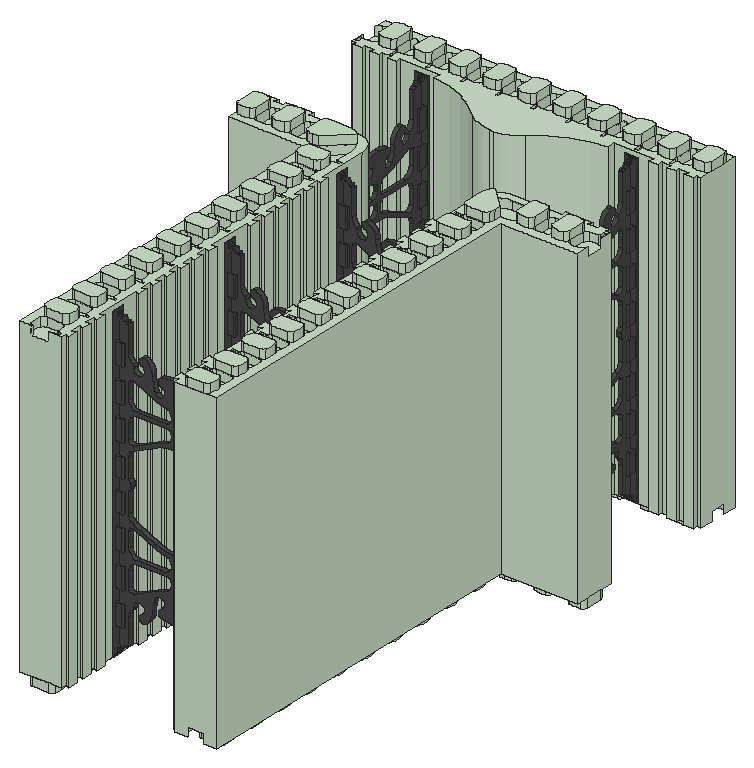
Revit family
Parameters (values of type "152 mm Long T Form Unit")
  URL = "www.nudura.com"
  Overall Form Thickness = 285.8 mm
  Model = "152 mm Long T Form Unit"
  Manufacturer = "NUDURA Corporation"
  Concrete Core Thickness = 152.4 mm
Reference planes
  plane 1 "Center (Front/Back)": y = 0
  plane 2: z = 0
  plane 3 "Center (Left/Right)": x = 0
Forms (mm)
  Extrusion 1, solid, material "NUDURA Expanded Polystyrene Foam Insulation"
    sketch origin (0.194, 0.032, 0) x (1, 0, 0) y (0, 1, 0)
      loop
        line (254, 142.875) -> (-254, 142.875) -> (-254, 82.55) -> (-246.858, 82.55) -> (-248.442, 76.2) -> (-234.158, 76.2) -> (-235.742, 82.55) -> (-221.458, 82.55) -> (-223.042, 76.2) -> (-208.758, 76.2) -> (-210.342, 82.55) -> (-196.058, 82.55) -> (-197.642, 76.2) -> (-183.358, 76.2) -> (-184.942, 82.55) -> (-127, 82.55) -> (-127, 73.025)
        arc (-127, 73.025) -> (-79.325, 60.317) -> (-38.333, 32.857) r 150.316
        arc (-38.333, 32.857) -> (-22.244, 22.628) -> (-3.517, 19.05) r 50.8
        line (-3.517, 19.05) -> (3.517, 19.05)
        arc (3.517, 19.05) -> (22.244, 22.628) -> (38.333, 32.857) r 50.8
        arc (38.333, 32.857) -> (79.325, 60.317) -> (127, 73.025) r 150.316
        line (127, 73.025) -> (127, 82.55) -> (184.942, 82.55) -> (183.358, 76.2) -> (197.642, 76.2) -> (196.058, 82.55) -> (210.342, 82.55) -> (208.758, 76.2) -> (223.042, 76.2) -> (221.458, 82.55) -> (235.742, 82.55) -> (234.158, 76.2) -> (248.442, 76.2) -> (246.858, 82.55) -> (254, 82.55) -> (254, 142.875)
      loop
        line (-82.55, -660.4) -> (-82.55, -653.258) -> (-76.2, -654.841) -> (-76.2, -640.558) -> (-82.55, -642.141) -> (-82.55, -627.858) -> (-76.2, -629.441) -> (-76.2, -615.158) -> (-82.55, -616.741) -> (-82.55, -602.458) -> (-76.2, -604.041) -> (-76.2, -589.758) -> (-82.55, -591.341) -> (-82.55, -526.258) -> (-76.2, -527.841) -> (-76.2, -513.558) -> (-82.55, -515.141) -> (-82.55, -500.858) -> (-76.2, -502.441) -> (-76.2, -488.158) -> (-82.55, -489.741) -> (-82.55, -475.458) -> (-76.2, -477.041) -> (-76.2, -462.758) -> (-82.55, -464.341) -> (-82.55, -450.058) -> (-76.2, -451.641) -> (-76.2, -437.358) -> (-82.55, -438.941) -> (-82.55, -424.658) -> (-76.2, -426.241) -> (-76.2, -411.958) -> (-82.55, -413.541) -> (-82.55, -399.258) -> (-76.2, -400.841) -> (-76.2, -386.558) -> (-82.55, -388.141) -> (-82.55, -323.058) -> (-76.2, -324.641) -> (-76.2, -310.358) -> (-82.55, -311.941) -> (-82.55, -297.658) -> (-76.2, -299.241) -> (-76.2, -284.958) -> (-82.55, -286.541) -> (-82.55, -272.258) -> (-76.2, -273.841) -> (-76.2, -259.558) -> (-82.55, -261.141) -> (-82.55, -246.858) -> (-76.2, -248.441) -> (-76.2, -234.158) -> (-82.55, -235.741) -> (-82.55, -221.458) -> (-76.2, -223.041) -> (-76.2, -208.758) -> (-82.55, -210.341) -> (-82.55, -196.058) -> (-76.2, -197.641) -> (-76.2, -183.358) -> (-82.55, -184.941) -> (-82.55, -114.3)
        arc (-82.55, -114.3) -> (-91.849, -91.849) -> (-114.3, -82.55) r 31.75
        line (-114.3, -82.55) -> (-184.942, -82.55) -> (-183.358, -76.2) -> (-197.642, -76.2) -> (-196.058, -82.55) -> (-210.342, -82.55) -> (-208.758, -76.2) -> (-223.042, -76.2) -> (-221.458, -82.55) -> (-235.742, -82.55) -> (-234.158, -76.2) -> (-248.442, -76.2) -> (-246.858, -82.55) -> (-254, -82.55) -> (-254, -142.875) -> (-142.875, -142.875) -> (-142.875, -660.4) -> (-82.55, -660.4)
      loop
        line (82.55, -660.4) -> (142.875, -660.4) -> (142.875, -142.875) -> (254, -142.875) -> (254, -82.55) -> (246.858, -82.55) -> (248.442, -76.2) -> (234.158, -76.2) -> (235.742, -82.55) -> (221.458, -82.55) -> (223.042, -76.2) -> (208.758, -76.2) -> (210.342, -82.55) -> (196.058, -82.55) -> (197.642, -76.2) -> (183.358, -76.2) -> (184.942, -82.55) -> (114.3, -82.55)
        arc (114.3, -82.55) -> (91.849, -91.849) -> (82.55, -114.3) r 31.75
        line (82.55, -114.3) -> (82.55, -184.941) -> (76.2, -183.358) -> (76.2, -197.641) -> (82.55, -196.058) -> (82.55, -210.341) -> (76.2, -208.758) -> (76.2, -223.041) -> (82.55, -221.458) -> (82.55, -235.741) -> (76.2, -234.158) -> (76.2, -248.441) -> (82.55, -246.858) -> (82.55, -261.141) -> (76.2, -259.558) -> (76.2, -273.841) -> (82.55, -272.258) -> (82.55, -286.541) -> (76.2, -284.958) -> (76.2, -299.241) -> (82.55, -297.658) -> (82.55, -311.941) -> (76.2, -310.358) -> (76.2, -324.641) -> (82.55, -323.058) -> (82.55, -388.141) -> (76.2, -386.558) -> (76.2, -400.841) -> (82.55, -399.258) -> (82.55, -413.541) -> (76.2, -411.958) -> (76.2, -426.241) -> (82.55, -424.658) -> (82.55, -438.941) -> (76.2, -437.358) -> (76.2, -451.641) -> (82.55, -450.058) -> (82.55, -464.341) -> (76.2, -462.758) -> (76.2, -477.041) -> (82.55, -475.458) -> (82.55, -489.741) -> (76.2, -488.158) -> (76.2, -502.441) -> (82.55, -500.858) -> (82.55, -515.141) -> (76.2, -513.558) -> (76.2, -527.841) -> (82.55, -526.258) -> (82.55, -591.341) -> (76.2, -589.758) -> (76.2, -604.041) -> (82.55, -602.458) -> (82.55, -616.741) -> (76.2, -615.158) -> (76.2, -629.441) -> (82.55, -627.858) -> (82.55, -642.141) -> (76.2, -640.558) -> (76.2, -654.841) -> (82.55, -653.258) -> (82.55, -660.4)
    from 0 to 457.2
  Extrusion 2, void
    sketch origin (0.194, 0.032, 0) x (1, 0, 0) y (0, 1, 0)
      loop
        arc (-130.453, -639.396) -> (-131.763, -647.7) -> (-130.453, -656.003) r 26.987
        arc (-130.453, -656.003) -> (-128.147, -659.184) -> (-124.411, -660.4) r 6.35
        line (-124.411, -660.4) -> (-101.014, -660.4)
        arc (-101.014, -660.4) -> (-98.696, -659.961) -> (-96.698, -658.708) r 6.35
        arc (-96.698, -658.708) -> (-96.199, -658.394) -> (-95.62, -658.285) r 1.588
        line (-95.62, -658.285) -> (-86.829, -658.285) -> (-86.829, -653.946) -> (-92.457, -653.946)
        arc (-92.457, -653.946) -> (-93.668, -653.385) -> (-94.024, -652.1) r 1.588
        arc (-94.024, -652.1) -> (-93.737, -645.691) -> (-94.972, -639.396) r 26.988
        arc (-94.972, -639.396) -> (-97.278, -636.215) -> (-101.014, -635) r 6.35
        line (-101.014, -635) -> (-124.411, -635)
        arc (-124.411, -635) -> (-128.147, -636.215) -> (-130.453, -639.396) r 6.35
    from 457.2 to 444.5
  Extrusion 3, void
    sketch origin (0.194, 50.832, 0) x (1, 0, 0) y (0, 1, 0)
      loop
        arc (-130.453, -639.396) -> (-131.763, -647.7) -> (-130.453, -656.003) r 26.987
        arc (-130.453, -656.003) -> (-128.147, -659.184) -> (-124.411, -660.4) r 6.35
        line (-124.411, -660.4) -> (-101.014, -660.4)
        arc (-101.014, -660.4) -> (-98.696, -659.961) -> (-96.698, -658.708) r 6.35
        arc (-96.698, -658.708) -> (-96.199, -658.394) -> (-95.62, -658.285) r 1.588
        line (-95.62, -658.285) -> (-86.829, -658.285) -> (-86.829, -653.946) -> (-92.457, -653.946)
        arc (-92.457, -653.946) -> (-93.668, -653.385) -> (-94.024, -652.1) r 1.588
        arc (-94.024, -652.1) -> (-93.737, -645.691) -> (-94.972, -639.396) r 26.988
        arc (-94.972, -639.396) -> (-97.278, -636.215) -> (-101.014, -635) r 6.35
        line (-101.014, -635) -> (-124.411, -635)
        arc (-124.411, -635) -> (-128.147, -636.215) -> (-130.453, -639.396) r 6.35
    from 457.2 to 444.5
  Extrusion 4, void
    sketch origin (0.194, 101.632, 0) x (1, 0, 0) y (0, 1, 0)
      loop
        arc (-130.453, -639.396) -> (-131.763, -647.7) -> (-130.453, -656.003) r 26.987
        arc (-130.453, -656.003) -> (-128.147, -659.184) -> (-124.411, -660.4) r 6.35
        line (-124.411, -660.4) -> (-101.014, -660.4)
        arc (-101.014, -660.4) -> (-98.696, -659.961) -> (-96.698, -658.708) r 6.35
        arc (-96.698, -658.708) -> (-96.199, -658.394) -> (-95.62, -658.285) r 1.588
        line (-95.62, -658.285) -> (-86.829, -658.285) -> (-86.829, -653.946) -> (-92.457, -653.946)
        arc (-92.457, -653.946) -> (-93.668, -653.385) -> (-94.024, -652.1) r 1.588
        arc (-94.024, -652.1) -> (-93.737, -645.691) -> (-94.972, -639.396) r 26.988
        arc (-94.972, -639.396) -> (-97.278, -636.215) -> (-101.014, -635) r 6.35
        line (-101.014, -635) -> (-124.411, -635)
        arc (-124.411, -635) -> (-128.147, -636.215) -> (-130.453, -639.396) r 6.35
    from 457.2 to 444.5
  Extrusion 5, void
    sketch origin (0.194, 152.432, 0) x (1, 0, 0) y (0, 1, 0)
      loop
        arc (-130.453, -639.396) -> (-131.763, -647.7) -> (-130.453, -656.003) r 26.987
        arc (-130.453, -656.003) -> (-128.147, -659.184) -> (-124.411, -660.4) r 6.35
        line (-124.411, -660.4) -> (-101.014, -660.4)
        arc (-101.014, -660.4) -> (-98.696, -659.961) -> (-96.698, -658.708) r 6.35
        arc (-96.698, -658.708) -> (-96.199, -658.394) -> (-95.62, -658.285) r 1.588
        line (-95.62, -658.285) -> (-86.829, -658.285) -> (-86.829, -653.946) -> (-92.457, -653.946)
        arc (-92.457, -653.946) -> (-93.668, -653.385) -> (-94.024, -652.1) r 1.588
        arc (-94.024, -652.1) -> (-93.737, -645.691) -> (-94.972, -639.396) r 26.988
        arc (-94.972, -639.396) -> (-97.278, -636.215) -> (-101.014, -635) r 6.35
        line (-101.014, -635) -> (-124.411, -635)
        arc (-124.411, -635) -> (-128.147, -636.215) -> (-130.453, -639.396) r 6.35
    from 457.2 to 444.5
  Extrusion 6, void
    sketch origin (0.194, 203.232, 0) x (1, 0, 0) y (0, 1, 0)
      loop
        arc (-130.453, -639.396) -> (-131.763, -647.7) -> (-130.453, -656.003) r 26.987
        arc (-130.453, -656.003) -> (-128.147, -659.184) -> (-124.411, -660.4) r 6.35
        line (-124.411, -660.4) -> (-101.014, -660.4)
        arc (-101.014, -660.4) -> (-98.696, -659.961) -> (-96.698, -658.708) r 6.35
        arc (-96.698, -658.708) -> (-96.199, -658.394) -> (-95.62, -658.285) r 1.588
        line (-95.62, -658.285) -> (-86.829, -658.285) -> (-86.829, -653.946) -> (-92.457, -653.946)
        arc (-92.457, -653.946) -> (-93.668, -653.385) -> (-94.024, -652.1) r 1.588
        arc (-94.024, -652.1) -> (-93.737, -645.691) -> (-94.972, -639.396) r 26.988
        arc (-94.972, -639.396) -> (-97.278, -636.215) -> (-101.014, -635) r 6.35
        line (-101.014, -635) -> (-124.411, -635)
        arc (-124.411, -635) -> (-128.147, -636.215) -> (-130.453, -639.396) r 6.35
    from 457.2 to 444.5
  Extrusion 7, void
    sketch origin (0.194, 254.032, 0) x (1, 0, 0) y (0, 1, 0)
      loop
        arc (-130.453, -639.396) -> (-131.763, -647.7) -> (-130.453, -656.003) r 26.987
        arc (-130.453, -656.003) -> (-128.147, -659.184) -> (-124.411, -660.4) r 6.35
        line (-124.411, -660.4) -> (-101.014, -660.4)
        arc (-101.014, -660.4) -> (-98.696, -659.961) -> (-96.698, -658.708) r 6.35
        arc (-96.698, -658.708) -> (-96.199, -658.394) -> (-95.62, -658.285) r 1.588
        line (-95.62, -658.285) -> (-86.829, -658.285) -> (-86.829, -653.946) -> (-92.457, -653.946)
        arc (-92.457, -653.946) -> (-93.668, -653.385) -> (-94.024, -652.1) r 1.588
        arc (-94.024, -652.1) -> (-93.737, -645.691) -> (-94.972, -639.396) r 26.988
        arc (-94.972, -639.396) -> (-97.278, -636.215) -> (-101.014, -635) r 6.35
        line (-101.014, -635) -> (-124.411, -635)
        arc (-124.411, -635) -> (-128.147, -636.215) -> (-130.453, -639.396) r 6.35
    from 457.2 to 444.5
  Extrusion 8, void
    sketch origin (0.194, 304.832, 0) x (1, 0, 0) y (0, 1, 0)
      loop
        arc (-130.453, -639.396) -> (-131.763, -647.7) -> (-130.453, -656.003) r 26.987
        arc (-130.453, -656.003) -> (-128.147, -659.184) -> (-124.411, -660.4) r 6.35
        line (-124.411, -660.4) -> (-101.014, -660.4)
        arc (-101.014, -660.4) -> (-98.696, -659.961) -> (-96.698, -658.708) r 6.35
        arc (-96.698, -658.708) -> (-96.199, -658.394) -> (-95.62, -658.285) r 1.588
        line (-95.62, -658.285) -> (-86.829, -658.285) -> (-86.829, -653.946) -> (-92.457, -653.946)
        arc (-92.457, -653.946) -> (-93.668, -653.385) -> (-94.024, -652.1) r 1.588
        arc (-94.024, -652.1) -> (-93.737, -645.691) -> (-94.972, -639.396) r 26.988
        arc (-94.972, -639.396) -> (-97.278, -636.215) -> (-101.014, -635) r 6.35
        line (-101.014, -635) -> (-124.411, -635)
        arc (-124.411, -635) -> (-128.147, -636.215) -> (-130.453, -639.396) r 6.35
    from 457.2 to 444.5
  Extrusion 9, void
    sketch origin (0.194, 355.632, 0) x (1, 0, 0) y (0, 1, 0)
      loop
        arc (-130.453, -639.396) -> (-131.763, -647.7) -> (-130.453, -656.003) r 26.987
        arc (-130.453, -656.003) -> (-128.147, -659.184) -> (-124.411, -660.4) r 6.35
        line (-124.411, -660.4) -> (-101.014, -660.4)
        arc (-101.014, -660.4) -> (-98.696, -659.961) -> (-96.698, -658.708) r 6.35
        arc (-96.698, -658.708) -> (-96.199, -658.394) -> (-95.62, -658.285) r 1.588
        line (-95.62, -658.285) -> (-86.829, -658.285) -> (-86.829, -653.946) -> (-92.457, -653.946)
        arc (-92.457, -653.946) -> (-93.668, -653.385) -> (-94.024, -652.1) r 1.588
        arc (-94.024, -652.1) -> (-93.737, -645.691) -> (-94.972, -639.396) r 26.988
        arc (-94.972, -639.396) -> (-97.278, -636.215) -> (-101.014, -635) r 6.35
        line (-101.014, -635) -> (-124.411, -635)
        arc (-124.411, -635) -> (-128.147, -636.215) -> (-130.453, -639.396) r 6.35
    from 457.2 to 444.5
  Extrusion 10, void
    sketch origin (0.194, 406.432, 0) x (1, 0, 0) y (0, 1, 0)
      loop
        arc (-130.453, -639.396) -> (-131.763, -647.7) -> (-130.453, -656.003) r 26.987
        arc (-130.453, -656.003) -> (-128.147, -659.184) -> (-124.411, -660.4) r 6.35
        line (-124.411, -660.4) -> (-101.014, -660.4)
        arc (-101.014, -660.4) -> (-98.696, -659.961) -> (-96.698, -658.708) r 6.35
        arc (-96.698, -658.708) -> (-96.199, -658.394) -> (-95.62, -658.285) r 1.588
        line (-95.62, -658.285) -> (-86.829, -658.285) -> (-86.829, -653.946) -> (-92.457, -653.946)
        arc (-92.457, -653.946) -> (-93.668, -653.385) -> (-94.024, -652.1) r 1.588
        arc (-94.024, -652.1) -> (-93.737, -645.691) -> (-94.972, -639.396) r 26.988
        arc (-94.972, -639.396) -> (-97.278, -636.215) -> (-101.014, -635) r 6.35
        line (-101.014, -635) -> (-124.411, -635)
        arc (-124.411, -635) -> (-128.147, -636.215) -> (-130.453, -639.396) r 6.35
    from 457.2 to 444.5
  Extrusion 11, void
    sketch origin (0.194, 457.232, 0) x (1, 0, 0) y (0, 1, 0)
      loop
        arc (-130.453, -639.396) -> (-131.763, -647.7) -> (-130.453, -656.003) r 26.987
        arc (-130.453, -656.003) -> (-128.147, -659.184) -> (-124.411, -660.4) r 6.35
        line (-124.411, -660.4) -> (-101.014, -660.4)
        arc (-101.014, -660.4) -> (-98.696, -659.961) -> (-96.698, -658.708) r 6.35
        arc (-96.698, -658.708) -> (-96.199, -658.394) -> (-95.62, -658.285) r 1.588
        line (-95.62, -658.285) -> (-86.829, -658.285) -> (-86.829, -653.946) -> (-92.457, -653.946)
        arc (-92.457, -653.946) -> (-93.668, -653.385) -> (-94.024, -652.1) r 1.588
        arc (-94.024, -652.1) -> (-93.737, -645.691) -> (-94.972, -639.396) r 26.988
        arc (-94.972, -639.396) -> (-97.278, -636.215) -> (-101.014, -635) r 6.35
        line (-101.014, -635) -> (-124.411, -635)
        arc (-124.411, -635) -> (-128.147, -636.215) -> (-130.453, -639.396) r 6.35
    from 457.2 to 444.5
  Extrusion 12, void
    sketch origin (0.194, 0.032, 0) x (1, 0, 0) y (0, 1, 0)
      loop
        line (-131.763, -131.762) -> (-131.763, -139.7)
        arc (-131.763, -139.7) -> (-131.433, -143.903) -> (-130.453, -148.003) r 26.987
        arc (-130.453, -148.003) -> (-128.147, -151.184) -> (-124.411, -152.4) r 6.35
        line (-124.411, -152.4) -> (-101.014, -152.4)
        arc (-101.014, -152.4) -> (-98.696, -151.961) -> (-96.698, -150.708) r 6.35
        arc (-96.698, -150.708) -> (-96.199, -150.394) -> (-95.62, -150.285) r 1.588
        line (-95.62, -150.285) -> (-86.829, -150.285) -> (-86.829, -145.946) -> (-92.457, -145.946)
        arc (-92.457, -145.946) -> (-93.668, -145.385) -> (-94.024, -144.1) r 1.588
        arc (-94.024, -144.1) -> (-93.753, -141.907) -> (-93.663, -139.7) r 26.987
        line (-93.663, -139.7) -> (-93.663, -119.062)
        arc (-93.663, -119.062) -> (-95.596, -109.342) -> (-101.102, -101.102) r 25.4
        line (-101.102, -101.102) -> (-131.763, -131.762)
    from 457.2 to 444.5
  Extrusion 13, void
    sketch origin (-812.605, 0.032, 0) x (0, 1, 0) y (-1, 0, 0)
      loop
        arc (-130.453, -639.396) -> (-131.763, -647.7) -> (-130.453, -656.003) r 26.987
        arc (-130.453, -656.003) -> (-128.147, -659.184) -> (-124.411, -660.4) r 6.35
        line (-124.411, -660.4) -> (-101.014, -660.4)
        arc (-101.014, -660.4) -> (-98.696, -659.961) -> (-96.698, -658.708) r 6.35
        arc (-96.698, -658.708) -> (-96.199, -658.394) -> (-95.62, -658.285) r 1.588
        line (-95.62, -658.285) -> (-86.829, -658.285) -> (-86.829, -653.946) -> (-92.457, -653.946)
        arc (-92.457, -653.946) -> (-93.668, -653.385) -> (-94.024, -652.1) r 1.588
        arc (-94.024, -652.1) -> (-93.737, -645.691) -> (-94.972, -639.396) r 26.988
        arc (-94.972, -639.396) -> (-97.278, -636.215) -> (-101.014, -635) r 6.35
        line (-101.014, -635) -> (-124.411, -635)
        arc (-124.411, -635) -> (-128.147, -636.215) -> (-130.453, -639.396) r 6.35
    from 457.2 to 444.5
  Extrusion 14, void
    sketch origin (-863.405, 0.032, 0) x (0, 1, 0) y (-1, 0, 0)
      loop
        arc (-130.453, -639.396) -> (-131.763, -647.7) -> (-130.453, -656.003) r 26.987
        arc (-130.453, -656.003) -> (-128.147, -659.184) -> (-124.411, -660.4) r 6.35
        line (-124.411, -660.4) -> (-101.014, -660.4)
        arc (-101.014, -660.4) -> (-98.696, -659.961) -> (-96.698, -658.708) r 6.35
        arc (-96.698, -658.708) -> (-96.199, -658.394) -> (-95.62, -658.285) r 1.588
        line (-95.62, -658.285) -> (-86.829, -658.285) -> (-86.829, -653.946) -> (-92.457, -653.946)
        arc (-92.457, -653.946) -> (-93.668, -653.385) -> (-94.024, -652.1) r 1.588
        arc (-94.024, -652.1) -> (-93.737, -645.691) -> (-94.972, -639.396) r 26.988
        arc (-94.972, -639.396) -> (-97.278, -636.215) -> (-101.014, -635) r 6.35
        line (-101.014, -635) -> (-124.411, -635)
        arc (-124.411, -635) -> (-128.147, -636.215) -> (-130.453, -639.396) r 6.35
    from 457.2 to 444.5
  Extrusion 15, void
    sketch origin (0.194, -1269.967, 0) x (1, 0, 0) y (0, 1, 0)
      loop
        arc (-130.453, 639.396) -> (-128.147, 636.215) -> (-124.411, 635) r 6.35
        line (-124.411, 635) -> (-101.014, 635)
        arc (-101.014, 635) -> (-97.278, 636.215) -> (-94.972, 639.396) r 6.35
        arc (-94.972, 639.396) -> (-93.737, 645.691) -> (-94.024, 652.1) r 26.988
        arc (-94.024, 652.1) -> (-93.668, 653.385) -> (-92.457, 653.946) r 1.588
        line (-92.457, 653.946) -> (-86.829, 653.946) -> (-86.829, 658.285) -> (-95.62, 658.285)
        arc (-95.62, 658.285) -> (-96.199, 658.394) -> (-96.698, 658.708) r 1.588
        arc (-96.698, 658.708) -> (-98.696, 659.961) -> (-101.014, 660.4) r 6.35
        line (-101.014, 660.4) -> (-124.411, 660.4)
        arc (-124.411, 660.4) -> (-128.147, 659.184) -> (-130.453, 656.003) r 6.35
        arc (-130.453, 656.003) -> (-131.763, 647.7) -> (-130.453, 639.396) r 26.987
    from 0 to 12.7
  Extrusion 16, void
    sketch origin (0.194, -1219.167, 0) x (1, 0, 0) y (0, 1, 0)
      loop
        arc (-130.453, 639.396) -> (-128.147, 636.215) -> (-124.411, 635) r 6.35
        line (-124.411, 635) -> (-101.014, 635)
        arc (-101.014, 635) -> (-97.278, 636.215) -> (-94.972, 639.396) r 6.35
        arc (-94.972, 639.396) -> (-93.737, 645.691) -> (-94.024, 652.1) r 26.988
        arc (-94.024, 652.1) -> (-93.668, 653.385) -> (-92.457, 653.946) r 1.588
        line (-92.457, 653.946) -> (-86.829, 653.946) -> (-86.829, 658.285) -> (-95.62, 658.285)
        arc (-95.62, 658.285) -> (-96.199, 658.394) -> (-96.698, 658.708) r 1.588
        arc (-96.698, 658.708) -> (-98.696, 659.961) -> (-101.014, 660.4) r 6.35
        line (-101.014, 660.4) -> (-124.411, 660.4)
        arc (-124.411, 660.4) -> (-128.147, 659.184) -> (-130.453, 656.003) r 6.35
        arc (-130.453, 656.003) -> (-131.763, 647.7) -> (-130.453, 639.396) r 26.987
    from 0 to 12.7
  Extrusion 17, void
    sketch origin (0.194, -1168.367, 0) x (1, 0, 0) y (0, 1, 0)
      loop
        arc (-130.453, 639.396) -> (-128.147, 636.215) -> (-124.411, 635) r 6.35
        line (-124.411, 635) -> (-101.014, 635)
        arc (-101.014, 635) -> (-97.278, 636.215) -> (-94.972, 639.396) r 6.35
        arc (-94.972, 639.396) -> (-93.737, 645.691) -> (-94.024, 652.1) r 26.988
        arc (-94.024, 652.1) -> (-93.668, 653.385) -> (-92.457, 653.946) r 1.588
        line (-92.457, 653.946) -> (-86.829, 653.946) -> (-86.829, 658.285) -> (-95.62, 658.285)
        arc (-95.62, 658.285) -> (-96.199, 658.394) -> (-96.698, 658.708) r 1.588
        arc (-96.698, 658.708) -> (-98.696, 659.961) -> (-101.014, 660.4) r 6.35
        line (-101.014, 660.4) -> (-124.411, 660.4)
        arc (-124.411, 660.4) -> (-128.147, 659.184) -> (-130.453, 656.003) r 6.35
        arc (-130.453, 656.003) -> (-131.763, 647.7) -> (-130.453, 639.396) r 26.987
    from 0 to 12.7
  Extrusion 18, void
    sketch origin (0.194, -1117.567, 0) x (1, 0, 0) y (0, 1, 0)
      loop
        arc (-130.453, 639.396) -> (-128.147, 636.215) -> (-124.411, 635) r 6.35
        line (-124.411, 635) -> (-101.014, 635)
        arc (-101.014, 635) -> (-97.278, 636.215) -> (-94.972, 639.396) r 6.35
        arc (-94.972, 639.396) -> (-93.737, 645.691) -> (-94.024, 652.1) r 26.988
        arc (-94.024, 652.1) -> (-93.668, 653.385) -> (-92.457, 653.946) r 1.588
        line (-92.457, 653.946) -> (-86.829, 653.946) -> (-86.829, 658.285) -> (-95.62, 658.285)
        arc (-95.62, 658.285) -> (-96.199, 658.394) -> (-96.698, 658.708) r 1.588
        arc (-96.698, 658.708) -> (-98.696, 659.961) -> (-101.014, 660.4) r 6.35
        line (-101.014, 660.4) -> (-124.411, 660.4)
        arc (-124.411, 660.4) -> (-128.147, 659.184) -> (-130.453, 656.003) r 6.35
        arc (-130.453, 656.003) -> (-131.763, 647.7) -> (-130.453, 639.396) r 26.987
    from 0 to 12.7
  Extrusion 19, void
    sketch origin (0.194, -1066.767, 0) x (1, 0, 0) y (0, 1, 0)
      loop
        arc (-130.453, 639.396) -> (-128.147, 636.215) -> (-124.411, 635) r 6.35
        line (-124.411, 635) -> (-101.014, 635)
        arc (-101.014, 635) -> (-97.278, 636.215) -> (-94.972, 639.396) r 6.35
        arc (-94.972, 639.396) -> (-93.737, 645.691) -> (-94.024, 652.1) r 26.988
        arc (-94.024, 652.1) -> (-93.668, 653.385) -> (-92.457, 653.946) r 1.588
        line (-92.457, 653.946) -> (-86.829, 653.946) -> (-86.829, 658.285) -> (-95.62, 658.285)
        arc (-95.62, 658.285) -> (-96.199, 658.394) -> (-96.698, 658.708) r 1.588
        arc (-96.698, 658.708) -> (-98.696, 659.961) -> (-101.014, 660.4) r 6.35
        line (-101.014, 660.4) -> (-124.411, 660.4)
        arc (-124.411, 660.4) -> (-128.147, 659.184) -> (-130.453, 656.003) r 6.35
        arc (-130.453, 656.003) -> (-131.763, 647.7) -> (-130.453, 639.396) r 26.987
    from 0 to 12.7
  Extrusion 20, void
    sketch origin (0.194, -1015.967, 0) x (1, 0, 0) y (0, 1, 0)
      loop
        arc (-130.453, 639.396) -> (-128.147, 636.215) -> (-124.411, 635) r 6.35
        line (-124.411, 635) -> (-101.014, 635)
        arc (-101.014, 635) -> (-97.278, 636.215) -> (-94.972, 639.396) r 6.35
        arc (-94.972, 639.396) -> (-93.737, 645.691) -> (-94.024, 652.1) r 26.988
        arc (-94.024, 652.1) -> (-93.668, 653.385) -> (-92.457, 653.946) r 1.588
        line (-92.457, 653.946) -> (-86.829, 653.946) -> (-86.829, 658.285) -> (-95.62, 658.285)
        arc (-95.62, 658.285) -> (-96.199, 658.394) -> (-96.698, 658.708) r 1.588
        arc (-96.698, 658.708) -> (-98.696, 659.961) -> (-101.014, 660.4) r 6.35
        line (-101.014, 660.4) -> (-124.411, 660.4)
        arc (-124.411, 660.4) -> (-128.147, 659.184) -> (-130.453, 656.003) r 6.35
        arc (-130.453, 656.003) -> (-131.763, 647.7) -> (-130.453, 639.396) r 26.987
    from 0 to 12.7
  Extrusion 21, void
    sketch origin (0.194, -965.167, 0) x (1, 0, 0) y (0, 1, 0)
      loop
        arc (-130.453, 639.396) -> (-128.147, 636.215) -> (-124.411, 635) r 6.35
        line (-124.411, 635) -> (-101.014, 635)
        arc (-101.014, 635) -> (-97.278, 636.215) -> (-94.972, 639.396) r 6.35
        arc (-94.972, 639.396) -> (-93.737, 645.691) -> (-94.024, 652.1) r 26.988
        arc (-94.024, 652.1) -> (-93.668, 653.385) -> (-92.457, 653.946) r 1.588
        line (-92.457, 653.946) -> (-86.829, 653.946) -> (-86.829, 658.285) -> (-95.62, 658.285)
        arc (-95.62, 658.285) -> (-96.199, 658.394) -> (-96.698, 658.708) r 1.588
        arc (-96.698, 658.708) -> (-98.696, 659.961) -> (-101.014, 660.4) r 6.35
        line (-101.014, 660.4) -> (-124.411, 660.4)
        arc (-124.411, 660.4) -> (-128.147, 659.184) -> (-130.453, 656.003) r 6.35
        arc (-130.453, 656.003) -> (-131.763, 647.7) -> (-130.453, 639.396) r 26.987
    from 0 to 12.7
  Extrusion 22, void
    sketch origin (0.194, -914.367, 0) x (1, 0, 0) y (0, 1, 0)
      loop
        arc (-130.453, 639.396) -> (-128.147, 636.215) -> (-124.411, 635) r 6.35
        line (-124.411, 635) -> (-101.014, 635)
        arc (-101.014, 635) -> (-97.278, 636.215) -> (-94.972, 639.396) r 6.35
        arc (-94.972, 639.396) -> (-93.737, 645.691) -> (-94.024, 652.1) r 26.988
        arc (-94.024, 652.1) -> (-93.668, 653.385) -> (-92.457, 653.946) r 1.588
        line (-92.457, 653.946) -> (-86.829, 653.946) -> (-86.829, 658.285) -> (-95.62, 658.285)
        arc (-95.62, 658.285) -> (-96.199, 658.394) -> (-96.698, 658.708) r 1.588
        arc (-96.698, 658.708) -> (-98.696, 659.961) -> (-101.014, 660.4) r 6.35
        line (-101.014, 660.4) -> (-124.411, 660.4)
        arc (-124.411, 660.4) -> (-128.147, 659.184) -> (-130.453, 656.003) r 6.35
        arc (-130.453, 656.003) -> (-131.763, 647.7) -> (-130.453, 639.396) r 26.987
    from 0 to 12.7
  Extrusion 23, void
    sketch origin (0.194, -863.567, 0) x (1, 0, 0) y (0, 1, 0)
      loop
        arc (-130.453, 639.396) -> (-128.147, 636.215) -> (-124.411, 635) r 6.35
        line (-124.411, 635) -> (-101.014, 635)
        arc (-101.014, 635) -> (-97.278, 636.215) -> (-94.972, 639.396) r 6.35
        arc (-94.972, 639.396) -> (-93.737, 645.691) -> (-94.024, 652.1) r 26.988
        arc (-94.024, 652.1) -> (-93.668, 653.385) -> (-92.457, 653.946) r 1.588
        line (-92.457, 653.946) -> (-86.829, 653.946) -> (-86.829, 658.285) -> (-95.62, 658.285)
        arc (-95.62, 658.285) -> (-96.199, 658.394) -> (-96.698, 658.708) r 1.588
        arc (-96.698, 658.708) -> (-98.696, 659.961) -> (-101.014, 660.4) r 6.35
        line (-101.014, 660.4) -> (-124.411, 660.4)
        arc (-124.411, 660.4) -> (-128.147, 659.184) -> (-130.453, 656.003) r 6.35
        arc (-130.453, 656.003) -> (-131.763, 647.7) -> (-130.453, 639.396) r 26.987
    from 0 to 12.7
  Extrusion 24, void
    sketch origin (0.194, -812.767, 0) x (1, 0, 0) y (0, 1, 0)
      loop
        arc (-130.453, 639.396) -> (-128.147, 636.215) -> (-124.411, 635) r 6.35
        line (-124.411, 635) -> (-101.014, 635)
        arc (-101.014, 635) -> (-97.278, 636.215) -> (-94.972, 639.396) r 6.35
        arc (-94.972, 639.396) -> (-93.737, 645.691) -> (-94.024, 652.1) r 26.988
        arc (-94.024, 652.1) -> (-93.668, 653.385) -> (-92.457, 653.946) r 1.588
        line (-92.457, 653.946) -> (-86.829, 653.946) -> (-86.829, 658.285) -> (-95.62, 658.285)
        arc (-95.62, 658.285) -> (-96.199, 658.394) -> (-96.698, 658.708) r 1.588
        arc (-96.698, 658.708) -> (-98.696, 659.961) -> (-101.014, 660.4) r 6.35
        line (-101.014, 660.4) -> (-124.411, 660.4)
        arc (-124.411, 660.4) -> (-128.147, 659.184) -> (-130.453, 656.003) r 6.35
        arc (-130.453, 656.003) -> (-131.763, 647.7) -> (-130.453, 639.396) r 26.987
    from 0 to 12.7
  Extrusion 25, void
    sketch origin (0.194, 0.032, 0) x (0, 1, 0) y (-1, 0, 0)
      loop
        line (-131.763, 131.762) -> (-101.102, 101.102)
        arc (-101.102, 101.102) -> (-95.596, 109.342) -> (-93.663, 119.062) r 25.4
        line (-93.663, 119.062) -> (-93.663, 139.7)
        arc (-93.663, 139.7) -> (-93.753, 141.907) -> (-94.024, 144.1) r 26.987
        arc (-94.024, 144.1) -> (-93.668, 145.385) -> (-92.457, 145.946) r 1.588
        line (-92.457, 145.946) -> (-86.829, 145.946) -> (-86.829, 150.285) -> (-95.62, 150.285)
        arc (-95.62, 150.285) -> (-96.199, 150.394) -> (-96.698, 150.708) r 1.588
        arc (-96.698, 150.708) -> (-98.696, 151.961) -> (-101.014, 152.4) r 6.35
        line (-101.014, 152.4) -> (-124.411, 152.4)
        arc (-124.411, 152.4) -> (-128.147, 151.184) -> (-130.453, 148.003) r 6.35
        arc (-130.453, 148.003) -> (-131.433, 143.903) -> (-131.763, 139.7) r 26.987
        line (-131.763, 139.7) -> (-131.763, 131.762)
    from 0 to 12.7
  Extrusion 26, void
    sketch origin (457.394, 0.032, 0) x (0, 1, 0) y (-1, 0, 0)
      loop
        arc (-130.453, 639.396) -> (-128.147, 636.215) -> (-124.411, 635) r 6.35
        line (-124.411, 635) -> (-101.014, 635)
        arc (-101.014, 635) -> (-97.278, 636.215) -> (-94.972, 639.396) r 6.35
        arc (-94.972, 639.396) -> (-93.737, 645.691) -> (-94.024, 652.1) r 26.988
        arc (-94.024, 652.1) -> (-93.668, 653.385) -> (-92.457, 653.946) r 1.588
        line (-92.457, 653.946) -> (-86.829, 653.946) -> (-86.829, 658.285) -> (-95.62, 658.285)
        arc (-95.62, 658.285) -> (-96.199, 658.394) -> (-96.698, 658.708) r 1.588
        arc (-96.698, 658.708) -> (-98.696, 659.961) -> (-101.014, 660.4) r 6.35
        line (-101.014, 660.4) -> (-124.411, 660.4)
        arc (-124.411, 660.4) -> (-128.147, 659.184) -> (-130.453, 656.003) r 6.35
        arc (-130.453, 656.003) -> (-131.763, 647.7) -> (-130.453, 639.396) r 26.987
    from 0 to 12.7
  Extrusion 27, void
    sketch origin (406.594, 0.032, 0) x (0, 1, 0) y (-1, 0, 0)
      loop
        arc (-130.453, 639.396) -> (-128.147, 636.215) -> (-124.411, 635) r 6.35
        line (-124.411, 635) -> (-101.014, 635)
        arc (-101.014, 635) -> (-97.278, 636.215) -> (-94.972, 639.396) r 6.35
        arc (-94.972, 639.396) -> (-93.737, 645.691) -> (-94.024, 652.1) r 26.988
        arc (-94.024, 652.1) -> (-93.668, 653.385) -> (-92.457, 653.946) r 1.588
        line (-92.457, 653.946) -> (-86.829, 653.946) -> (-86.829, 658.285) -> (-95.62, 658.285)
        arc (-95.62, 658.285) -> (-96.199, 658.394) -> (-96.698, 658.708) r 1.588
        arc (-96.698, 658.708) -> (-98.696, 659.961) -> (-101.014, 660.4) r 6.35
        line (-101.014, 660.4) -> (-124.411, 660.4)
        arc (-124.411, 660.4) -> (-128.147, 659.184) -> (-130.453, 656.003) r 6.35
        arc (-130.453, 656.003) -> (-131.763, 647.7) -> (-130.453, 639.396) r 26.987
    from 0 to 12.7
  Extrusion 28, void
    sketch origin (0.194, -1269.967, 0) x (-1, 0, 0) y (0, -1, 0)
      loop
        arc (-130.453, -639.396) -> (-131.763, -647.7) -> (-130.453, -656.003) r 26.987
        arc (-130.453, -656.003) -> (-128.147, -659.184) -> (-124.411, -660.4) r 6.35
        line (-124.411, -660.4) -> (-101.014, -660.4)
        arc (-101.014, -660.4) -> (-98.696, -659.961) -> (-96.698, -658.708) r 6.35
        arc (-96.698, -658.708) -> (-96.199, -658.394) -> (-95.62, -658.285) r 1.588
        line (-95.62, -658.285) -> (-86.829, -658.285) -> (-86.829, -653.946) -> (-92.457, -653.946)
        arc (-92.457, -653.946) -> (-93.668, -653.385) -> (-94.024, -652.1) r 1.588
        arc (-94.024, -652.1) -> (-93.737, -645.691) -> (-94.972, -639.396) r 26.988
        arc (-94.972, -639.396) -> (-97.278, -636.215) -> (-101.014, -635) r 6.35
        line (-101.014, -635) -> (-124.411, -635)
        arc (-124.411, -635) -> (-128.147, -636.215) -> (-130.453, -639.396) r 6.35
    from 457.2 to 444.5
  Extrusion 29, void
    sketch origin (0.194, -1219.167, 0) x (-1, 0, 0) y (0, -1, 0)
      loop
        arc (-130.453, -639.396) -> (-131.763, -647.7) -> (-130.453, -656.003) r 26.987
        arc (-130.453, -656.003) -> (-128.147, -659.184) -> (-124.411, -660.4) r 6.35
        line (-124.411, -660.4) -> (-101.014, -660.4)
        arc (-101.014, -660.4) -> (-98.696, -659.961) -> (-96.698, -658.708) r 6.35
        arc (-96.698, -658.708) -> (-96.199, -658.394) -> (-95.62, -658.285) r 1.588
        line (-95.62, -658.285) -> (-86.829, -658.285) -> (-86.829, -653.946) -> (-92.457, -653.946)
        arc (-92.457, -653.946) -> (-93.668, -653.385) -> (-94.024, -652.1) r 1.588
        arc (-94.024, -652.1) -> (-93.737, -645.691) -> (-94.972, -639.396) r 26.988
        arc (-94.972, -639.396) -> (-97.278, -636.215) -> (-101.014, -635) r 6.35
        line (-101.014, -635) -> (-124.411, -635)
        arc (-124.411, -635) -> (-128.147, -636.215) -> (-130.453, -639.396) r 6.35
    from 457.2 to 444.5
  Extrusion 30, void
    sketch origin (0.194, -1168.367, 0) x (-1, 0, 0) y (0, -1, 0)
      loop
        arc (-130.453, -639.396) -> (-131.763, -647.7) -> (-130.453, -656.003) r 26.987
        arc (-130.453, -656.003) -> (-128.147, -659.184) -> (-124.411, -660.4) r 6.35
        line (-124.411, -660.4) -> (-101.014, -660.4)
        arc (-101.014, -660.4) -> (-98.696, -659.961) -> (-96.698, -658.708) r 6.35
        arc (-96.698, -658.708) -> (-96.199, -658.394) -> (-95.62, -658.285) r 1.588
        line (-95.62, -658.285) -> (-86.829, -658.285) -> (-86.829, -653.946) -> (-92.457, -653.946)
        arc (-92.457, -653.946) -> (-93.668, -653.385) -> (-94.024, -652.1) r 1.588
        arc (-94.024, -652.1) -> (-93.737, -645.691) -> (-94.972, -639.396) r 26.988
        arc (-94.972, -639.396) -> (-97.278, -636.215) -> (-101.014, -635) r 6.35
        line (-101.014, -635) -> (-124.411, -635)
        arc (-124.411, -635) -> (-128.147, -636.215) -> (-130.453, -639.396) r 6.35
    from 457.2 to 444.5
  Extrusion 31, void
    sketch origin (0.194, -1117.567, 0) x (-1, 0, 0) y (0, -1, 0)
      loop
        arc (-130.453, -639.396) -> (-131.763, -647.7) -> (-130.453, -656.003) r 26.987
        arc (-130.453, -656.003) -> (-128.147, -659.184) -> (-124.411, -660.4) r 6.35
        line (-124.411, -660.4) -> (-101.014, -660.4)
        arc (-101.014, -660.4) -> (-98.696, -659.961) -> (-96.698, -658.708) r 6.35
        arc (-96.698, -658.708) -> (-96.199, -658.394) -> (-95.62, -658.285) r 1.588
        line (-95.62, -658.285) -> (-86.829, -658.285) -> (-86.829, -653.946) -> (-92.457, -653.946)
        arc (-92.457, -653.946) -> (-93.668, -653.385) -> (-94.024, -652.1) r 1.588
        arc (-94.024, -652.1) -> (-93.737, -645.691) -> (-94.972, -639.396) r 26.988
        arc (-94.972, -639.396) -> (-97.278, -636.215) -> (-101.014, -635) r 6.35
        line (-101.014, -635) -> (-124.411, -635)
        arc (-124.411, -635) -> (-128.147, -636.215) -> (-130.453, -639.396) r 6.35
    from 457.2 to 444.5
  Extrusion 32, void
    sketch origin (0.194, -1066.767, 0) x (-1, 0, 0) y (0, -1, 0)
      loop
        arc (-130.453, -639.396) -> (-131.763, -647.7) -> (-130.453, -656.003) r 26.987
        arc (-130.453, -656.003) -> (-128.147, -659.184) -> (-124.411, -660.4) r 6.35
        line (-124.411, -660.4) -> (-101.014, -660.4)
        arc (-101.014, -660.4) -> (-98.696, -659.961) -> (-96.698, -658.708) r 6.35
        arc (-96.698, -658.708) -> (-96.199, -658.394) -> (-95.62, -658.285) r 1.588
        line (-95.62, -658.285) -> (-86.829, -658.285) -> (-86.829, -653.946) -> (-92.457, -653.946)
        arc (-92.457, -653.946) -> (-93.668, -653.385) -> (-94.024, -652.1) r 1.588
        arc (-94.024, -652.1) -> (-93.737, -645.691) -> (-94.972, -639.396) r 26.988
        arc (-94.972, -639.396) -> (-97.278, -636.215) -> (-101.014, -635) r 6.35
        line (-101.014, -635) -> (-124.411, -635)
        arc (-124.411, -635) -> (-128.147, -636.215) -> (-130.453, -639.396) r 6.35
    from 457.2 to 444.5
  Extrusion 33, void
    sketch origin (0.194, -1015.967, 0) x (-1, 0, 0) y (0, -1, 0)
      loop
        arc (-130.453, -639.396) -> (-131.763, -647.7) -> (-130.453, -656.003) r 26.987
        arc (-130.453, -656.003) -> (-128.147, -659.184) -> (-124.411, -660.4) r 6.35
        line (-124.411, -660.4) -> (-101.014, -660.4)
        arc (-101.014, -660.4) -> (-98.696, -659.961) -> (-96.698, -658.708) r 6.35
        arc (-96.698, -658.708) -> (-96.199, -658.394) -> (-95.62, -658.285) r 1.588
        line (-95.62, -658.285) -> (-86.829, -658.285) -> (-86.829, -653.946) -> (-92.457, -653.946)
        arc (-92.457, -653.946) -> (-93.668, -653.385) -> (-94.024, -652.1) r 1.588
        arc (-94.024, -652.1) -> (-93.737, -645.691) -> (-94.972, -639.396) r 26.988
        arc (-94.972, -639.396) -> (-97.278, -636.215) -> (-101.014, -635) r 6.35
        line (-101.014, -635) -> (-124.411, -635)
        arc (-124.411, -635) -> (-128.147, -636.215) -> (-130.453, -639.396) r 6.35
    from 457.2 to 444.5
  Extrusion 34, void
    sketch origin (0.194, -965.167, 0) x (-1, 0, 0) y (0, -1, 0)
      loop
        arc (-130.453, -639.396) -> (-131.763, -647.7) -> (-130.453, -656.003) r 26.987
        arc (-130.453, -656.003) -> (-128.147, -659.184) -> (-124.411, -660.4) r 6.35
        line (-124.411, -660.4) -> (-101.014, -660.4)
        arc (-101.014, -660.4) -> (-98.696, -659.961) -> (-96.698, -658.708) r 6.35
        arc (-96.698, -658.708) -> (-96.199, -658.394) -> (-95.62, -658.285) r 1.588
        line (-95.62, -658.285) -> (-86.829, -658.285) -> (-86.829, -653.946) -> (-92.457, -653.946)
        arc (-92.457, -653.946) -> (-93.668, -653.385) -> (-94.024, -652.1) r 1.588
        arc (-94.024, -652.1) -> (-93.737, -645.691) -> (-94.972, -639.396) r 26.988
        arc (-94.972, -639.396) -> (-97.278, -636.215) -> (-101.014, -635) r 6.35
        line (-101.014, -635) -> (-124.411, -635)
        arc (-124.411, -635) -> (-128.147, -636.215) -> (-130.453, -639.396) r 6.35
    from 457.2 to 444.5
  Extrusion 35, void
    sketch origin (0.194, -914.367, 0) x (-1, 0, 0) y (0, -1, 0)
      loop
        arc (-130.453, -639.396) -> (-131.763, -647.7) -> (-130.453, -656.003) r 26.987
        arc (-130.453, -656.003) -> (-128.147, -659.184) -> (-124.411, -660.4) r 6.35
        line (-124.411, -660.4) -> (-101.014, -660.4)
        arc (-101.014, -660.4) -> (-98.696, -659.961) -> (-96.698, -658.708) r 6.35
        arc (-96.698, -658.708) -> (-96.199, -658.394) -> (-95.62, -658.285) r 1.588
        line (-95.62, -658.285) -> (-86.829, -658.285) -> (-86.829, -653.946) -> (-92.457, -653.946)
        arc (-92.457, -653.946) -> (-93.668, -653.385) -> (-94.024, -652.1) r 1.588
        arc (-94.024, -652.1) -> (-93.737, -645.691) -> (-94.972, -639.396) r 26.988
        arc (-94.972, -639.396) -> (-97.278, -636.215) -> (-101.014, -635) r 6.35
        line (-101.014, -635) -> (-124.411, -635)
        arc (-124.411, -635) -> (-128.147, -636.215) -> (-130.453, -639.396) r 6.35
    from 457.2 to 444.5
  Extrusion 36, void
    sketch origin (0.194, -863.567, 0) x (-1, 0, 0) y (0, -1, 0)
      loop
        arc (-130.453, -639.396) -> (-131.763, -647.7) -> (-130.453, -656.003) r 26.987
        arc (-130.453, -656.003) -> (-128.147, -659.184) -> (-124.411, -660.4) r 6.35
        line (-124.411, -660.4) -> (-101.014, -660.4)
        arc (-101.014, -660.4) -> (-98.696, -659.961) -> (-96.698, -658.708) r 6.35
        arc (-96.698, -658.708) -> (-96.199, -658.394) -> (-95.62, -658.285) r 1.588
        line (-95.62, -658.285) -> (-86.829, -658.285) -> (-86.829, -653.946) -> (-92.457, -653.946)
        arc (-92.457, -653.946) -> (-93.668, -653.385) -> (-94.024, -652.1) r 1.588
        arc (-94.024, -652.1) -> (-93.737, -645.691) -> (-94.972, -639.396) r 26.988
        arc (-94.972, -639.396) -> (-97.278, -636.215) -> (-101.014, -635) r 6.35
        line (-101.014, -635) -> (-124.411, -635)
        arc (-124.411, -635) -> (-128.147, -636.215) -> (-130.453, -639.396) r 6.35
    from 457.2 to 444.5
  Extrusion 37, void
    sketch origin (0.194, -812.767, 0) x (-1, 0, 0) y (0, -1, 0)
      loop
        arc (-130.453, -639.396) -> (-131.763, -647.7) -> (-130.453, -656.003) r 26.987
        arc (-130.453, -656.003) -> (-128.147, -659.184) -> (-124.411, -660.4) r 6.35
        line (-124.411, -660.4) -> (-101.014, -660.4)
        arc (-101.014, -660.4) -> (-98.696, -659.961) -> (-96.698, -658.708) r 6.35
        arc (-96.698, -658.708) -> (-96.199, -658.394) -> (-95.62, -658.285) r 1.588
        line (-95.62, -658.285) -> (-86.829, -658.285) -> (-86.829, -653.946) -> (-92.457, -653.946)
        arc (-92.457, -653.946) -> (-93.668, -653.385) -> (-94.024, -652.1) r 1.588
        arc (-94.024, -652.1) -> (-93.737, -645.691) -> (-94.972, -639.396) r 26.988
        arc (-94.972, -639.396) -> (-97.278, -636.215) -> (-101.014, -635) r 6.35
        line (-101.014, -635) -> (-124.411, -635)
        arc (-124.411, -635) -> (-128.147, -636.215) -> (-130.453, -639.396) r 6.35
    from 457.2 to 444.5
  Extrusion 38, void
    sketch origin (-457.005, 0.032, 0) x (0, 1, 0) y (-1, 0, 0)
      loop
        arc (-130.453, -639.396) -> (-131.763, -647.7) -> (-130.453, -656.003) r 26.987
        arc (-130.453, -656.003) -> (-128.147, -659.184) -> (-124.411, -660.4) r 6.35
        line (-124.411, -660.4) -> (-101.014, -660.4)
        arc (-101.014, -660.4) -> (-98.696, -659.961) -> (-96.698, -658.708) r 6.35
        arc (-96.698, -658.708) -> (-96.199, -658.394) -> (-95.62, -658.285) r 1.588
        line (-95.62, -658.285) -> (-86.829, -658.285) -> (-86.829, -653.946) -> (-92.457, -653.946)
        arc (-92.457, -653.946) -> (-93.668, -653.385) -> (-94.024, -652.1) r 1.588
        arc (-94.024, -652.1) -> (-93.737, -645.691) -> (-94.972, -639.396) r 26.988
        arc (-94.972, -639.396) -> (-97.278, -636.215) -> (-101.014, -635) r 6.35
        line (-101.014, -635) -> (-124.411, -635)
        arc (-124.411, -635) -> (-128.147, -636.215) -> (-130.453, -639.396) r 6.35
    from 457.2 to 444.5
  Extrusion 39, void
    sketch origin (-406.205, 0.032, 0) x (0, 1, 0) y (-1, 0, 0)
      loop
        arc (-130.453, -639.396) -> (-131.763, -647.7) -> (-130.453, -656.003) r 26.987
        arc (-130.453, -656.003) -> (-128.147, -659.184) -> (-124.411, -660.4) r 6.35
        line (-124.411, -660.4) -> (-101.014, -660.4)
        arc (-101.014, -660.4) -> (-98.696, -659.961) -> (-96.698, -658.708) r 6.35
        arc (-96.698, -658.708) -> (-96.199, -658.394) -> (-95.62, -658.285) r 1.588
        line (-95.62, -658.285) -> (-86.829, -658.285) -> (-86.829, -653.946) -> (-92.457, -653.946)
        arc (-92.457, -653.946) -> (-93.668, -653.385) -> (-94.024, -652.1) r 1.588
        arc (-94.024, -652.1) -> (-93.737, -645.691) -> (-94.972, -639.396) r 26.988
        arc (-94.972, -639.396) -> (-97.278, -636.215) -> (-101.014, -635) r 6.35
        line (-101.014, -635) -> (-124.411, -635)
        arc (-124.411, -635) -> (-128.147, -636.215) -> (-130.453, -639.396) r 6.35
    from 457.2 to 444.5
  Extrusion 40, void
    sketch origin (0.194, 0.032, 0) x (1, 0, 0) y (0, 1, 0)
      loop
        arc (144.1, -94.023) -> (141.907, -93.752) -> (139.7, -93.662) r 26.987
        line (139.7, -93.662) -> (119.063, -93.662)
        arc (119.063, -93.662) -> (109.342, -95.595) -> (101.102, -101.102) r 25.4
        line (101.102, -101.102) -> (131.763, -131.762) -> (139.7, -131.762)
        arc (139.7, -131.762) -> (143.903, -131.433) -> (148.004, -130.453) r 26.988
        arc (148.004, -130.453) -> (151.185, -128.147) -> (152.4, -124.411) r 6.35
        line (152.4, -124.411) -> (152.4, -101.013)
        arc (152.4, -101.013) -> (151.962, -98.696) -> (150.708, -96.698) r 6.35
        arc (150.708, -96.698) -> (150.395, -96.198) -> (150.285, -95.619) r 1.587
        line (150.285, -95.619) -> (150.285, -86.828) -> (145.946, -86.828) -> (145.946, -92.457)
        arc (145.946, -92.457) -> (145.386, -93.667) -> (144.1, -94.023) r 1.588
    from 457.2 to 444.5
  Extrusion 41, void
    sketch origin (0.194, 0.032, 0) x (-1, 0, 0) y (0, -1, 0)
      loop
        arc (-130.453, 639.396) -> (-128.147, 636.215) -> (-124.411, 635) r 6.35
        line (-124.411, 635) -> (-101.014, 635)
        arc (-101.014, 635) -> (-97.278, 636.215) -> (-94.972, 639.396) r 6.35
        arc (-94.972, 639.396) -> (-93.737, 645.691) -> (-94.024, 652.1) r 26.988
        arc (-94.024, 652.1) -> (-93.668, 653.385) -> (-92.457, 653.946) r 1.588
        line (-92.457, 653.946) -> (-86.829, 653.946) -> (-86.829, 658.285) -> (-95.62, 658.285)
        arc (-95.62, 658.285) -> (-96.199, 658.394) -> (-96.698, 658.708) r 1.588
        arc (-96.698, 658.708) -> (-98.696, 659.961) -> (-101.014, 660.4) r 6.35
        line (-101.014, 660.4) -> (-124.411, 660.4)
        arc (-124.411, 660.4) -> (-128.147, 659.184) -> (-130.453, 656.003) r 6.35
        arc (-130.453, 656.003) -> (-131.763, 647.7) -> (-130.453, 639.396) r 26.987
    from 0 to 12.7
  Extrusion 42, void
    sketch origin (0.194, 50.832, 0) x (-1, 0, 0) y (0, -1, 0)
      loop
        arc (-130.453, 639.396) -> (-128.147, 636.215) -> (-124.411, 635) r 6.35
        line (-124.411, 635) -> (-101.014, 635)
        arc (-101.014, 635) -> (-97.278, 636.215) -> (-94.972, 639.396) r 6.35
        arc (-94.972, 639.396) -> (-93.737, 645.691) -> (-94.024, 652.1) r 26.988
        arc (-94.024, 652.1) -> (-93.668, 653.385) -> (-92.457, 653.946) r 1.588
        line (-92.457, 653.946) -> (-86.829, 653.946) -> (-86.829, 658.285) -> (-95.62, 658.285)
        arc (-95.62, 658.285) -> (-96.199, 658.394) -> (-96.698, 658.708) r 1.588
        arc (-96.698, 658.708) -> (-98.696, 659.961) -> (-101.014, 660.4) r 6.35
        line (-101.014, 660.4) -> (-124.411, 660.4)
        arc (-124.411, 660.4) -> (-128.147, 659.184) -> (-130.453, 656.003) r 6.35
        arc (-130.453, 656.003) -> (-131.763, 647.7) -> (-130.453, 639.396) r 26.987
    from 0 to 12.7
  Extrusion 43, void
    sketch origin (0.194, 101.632, 0) x (-1, 0, 0) y (0, -1, 0)
      loop
        arc (-130.453, 639.396) -> (-128.147, 636.215) -> (-124.411, 635) r 6.35
        line (-124.411, 635) -> (-101.014, 635)
        arc (-101.014, 635) -> (-97.278, 636.215) -> (-94.972, 639.396) r 6.35
        arc (-94.972, 639.396) -> (-93.737, 645.691) -> (-94.024, 652.1) r 26.988
        arc (-94.024, 652.1) -> (-93.668, 653.385) -> (-92.457, 653.946) r 1.588
        line (-92.457, 653.946) -> (-86.829, 653.946) -> (-86.829, 658.285) -> (-95.62, 658.285)
        arc (-95.62, 658.285) -> (-96.199, 658.394) -> (-96.698, 658.708) r 1.588
        arc (-96.698, 658.708) -> (-98.696, 659.961) -> (-101.014, 660.4) r 6.35
        line (-101.014, 660.4) -> (-124.411, 660.4)
        arc (-124.411, 660.4) -> (-128.147, 659.184) -> (-130.453, 656.003) r 6.35
        arc (-130.453, 656.003) -> (-131.763, 647.7) -> (-130.453, 639.396) r 26.987
    from 0 to 12.7
  Extrusion 44, void
    sketch origin (0.194, 152.432, 0) x (-1, 0, 0) y (0, -1, 0)
      loop
        arc (-130.453, 639.396) -> (-128.147, 636.215) -> (-124.411, 635) r 6.35
        line (-124.411, 635) -> (-101.014, 635)
        arc (-101.014, 635) -> (-97.278, 636.215) -> (-94.972, 639.396) r 6.35
        arc (-94.972, 639.396) -> (-93.737, 645.691) -> (-94.024, 652.1) r 26.988
        arc (-94.024, 652.1) -> (-93.668, 653.385) -> (-92.457, 653.946) r 1.588
        line (-92.457, 653.946) -> (-86.829, 653.946) -> (-86.829, 658.285) -> (-95.62, 658.285)
        arc (-95.62, 658.285) -> (-96.199, 658.394) -> (-96.698, 658.708) r 1.588
        arc (-96.698, 658.708) -> (-98.696, 659.961) -> (-101.014, 660.4) r 6.35
        line (-101.014, 660.4) -> (-124.411, 660.4)
        arc (-124.411, 660.4) -> (-128.147, 659.184) -> (-130.453, 656.003) r 6.35
        arc (-130.453, 656.003) -> (-131.763, 647.7) -> (-130.453, 639.396) r 26.987
    from 0 to 12.7
  Extrusion 45, void
    sketch origin (0.194, 203.232, 0) x (-1, 0, 0) y (0, -1, 0)
      loop
        arc (-130.453, 639.396) -> (-128.147, 636.215) -> (-124.411, 635) r 6.35
        line (-124.411, 635) -> (-101.014, 635)
        arc (-101.014, 635) -> (-97.278, 636.215) -> (-94.972, 639.396) r 6.35
        arc (-94.972, 639.396) -> (-93.737, 645.691) -> (-94.024, 652.1) r 26.988
        arc (-94.024, 652.1) -> (-93.668, 653.385) -> (-92.457, 653.946) r 1.588
        line (-92.457, 653.946) -> (-86.829, 653.946) -> (-86.829, 658.285) -> (-95.62, 658.285)
        arc (-95.62, 658.285) -> (-96.199, 658.394) -> (-96.698, 658.708) r 1.588
        arc (-96.698, 658.708) -> (-98.696, 659.961) -> (-101.014, 660.4) r 6.35
        line (-101.014, 660.4) -> (-124.411, 660.4)
        arc (-124.411, 660.4) -> (-128.147, 659.184) -> (-130.453, 656.003) r 6.35
        arc (-130.453, 656.003) -> (-131.763, 647.7) -> (-130.453, 639.396) r 26.987
    from 0 to 12.7
  Extrusion 46, void
    sketch origin (0.194, 254.032, 0) x (-1, 0, 0) y (0, -1, 0)
      loop
        arc (-130.453, 639.396) -> (-128.147, 636.215) -> (-124.411, 635) r 6.35
        line (-124.411, 635) -> (-101.014, 635)
        arc (-101.014, 635) -> (-97.278, 636.215) -> (-94.972, 639.396) r 6.35
        arc (-94.972, 639.396) -> (-93.737, 645.691) -> (-94.024, 652.1) r 26.988
        arc (-94.024, 652.1) -> (-93.668, 653.385) -> (-92.457, 653.946) r 1.588
        line (-92.457, 653.946) -> (-86.829, 653.946) -> (-86.829, 658.285) -> (-95.62, 658.285)
        arc (-95.62, 658.285) -> (-96.199, 658.394) -> (-96.698, 658.708) r 1.588
        arc (-96.698, 658.708) -> (-98.696, 659.961) -> (-101.014, 660.4) r 6.35
        line (-101.014, 660.4) -> (-124.411, 660.4)
        arc (-124.411, 660.4) -> (-128.147, 659.184) -> (-130.453, 656.003) r 6.35
        arc (-130.453, 656.003) -> (-131.763, 647.7) -> (-130.453, 639.396) r 26.987
    from 0 to 12.7
  Extrusion 47, void
    sketch origin (0.194, 304.832, 0) x (-1, 0, 0) y (0, -1, 0)
      loop
        arc (-130.453, 639.396) -> (-128.147, 636.215) -> (-124.411, 635) r 6.35
        line (-124.411, 635) -> (-101.014, 635)
        arc (-101.014, 635) -> (-97.278, 636.215) -> (-94.972, 639.396) r 6.35
        arc (-94.972, 639.396) -> (-93.737, 645.691) -> (-94.024, 652.1) r 26.988
        arc (-94.024, 652.1) -> (-93.668, 653.385) -> (-92.457, 653.946) r 1.588
        line (-92.457, 653.946) -> (-86.829, 653.946) -> (-86.829, 658.285) -> (-95.62, 658.285)
        arc (-95.62, 658.285) -> (-96.199, 658.394) -> (-96.698, 658.708) r 1.588
        arc (-96.698, 658.708) -> (-98.696, 659.961) -> (-101.014, 660.4) r 6.35
        line (-101.014, 660.4) -> (-124.411, 660.4)
        arc (-124.411, 660.4) -> (-128.147, 659.184) -> (-130.453, 656.003) r 6.35
        arc (-130.453, 656.003) -> (-131.763, 647.7) -> (-130.453, 639.396) r 26.987
    from 0 to 12.7
  Extrusion 48, void
    sketch origin (0.194, 355.632, 0) x (-1, 0, 0) y (0, -1, 0)
      loop
        arc (-130.453, 639.396) -> (-128.147, 636.215) -> (-124.411, 635) r 6.35
        line (-124.411, 635) -> (-101.014, 635)
        arc (-101.014, 635) -> (-97.278, 636.215) -> (-94.972, 639.396) r 6.35
        arc (-94.972, 639.396) -> (-93.737, 645.691) -> (-94.024, 652.1) r 26.988
        arc (-94.024, 652.1) -> (-93.668, 653.385) -> (-92.457, 653.946) r 1.588
        line (-92.457, 653.946) -> (-86.829, 653.946) -> (-86.829, 658.285) -> (-95.62, 658.285)
        arc (-95.62, 658.285) -> (-96.199, 658.394) -> (-96.698, 658.708) r 1.588
        arc (-96.698, 658.708) -> (-98.696, 659.961) -> (-101.014, 660.4) r 6.35
        line (-101.014, 660.4) -> (-124.411, 660.4)
        arc (-124.411, 660.4) -> (-128.147, 659.184) -> (-130.453, 656.003) r 6.35
        arc (-130.453, 656.003) -> (-131.763, 647.7) -> (-130.453, 639.396) r 26.987
    from 0 to 12.7
  Extrusion 49, void
    sketch origin (0.194, 406.432, 0) x (-1, 0, 0) y (0, -1, 0)
      loop
        arc (-130.453, 639.396) -> (-128.147, 636.215) -> (-124.411, 635) r 6.35
        line (-124.411, 635) -> (-101.014, 635)
        arc (-101.014, 635) -> (-97.278, 636.215) -> (-94.972, 639.396) r 6.35
        arc (-94.972, 639.396) -> (-93.737, 645.691) -> (-94.024, 652.1) r 26.988
        arc (-94.024, 652.1) -> (-93.668, 653.385) -> (-92.457, 653.946) r 1.588
        line (-92.457, 653.946) -> (-86.829, 653.946) -> (-86.829, 658.285) -> (-95.62, 658.285)
        arc (-95.62, 658.285) -> (-96.199, 658.394) -> (-96.698, 658.708) r 1.588
        arc (-96.698, 658.708) -> (-98.696, 659.961) -> (-101.014, 660.4) r 6.35
        line (-101.014, 660.4) -> (-124.411, 660.4)
        arc (-124.411, 660.4) -> (-128.147, 659.184) -> (-130.453, 656.003) r 6.35
        arc (-130.453, 656.003) -> (-131.763, 647.7) -> (-130.453, 639.396) r 26.987
    from 0 to 12.7
  Extrusion 50, void
    sketch origin (0.194, 457.232, 0) x (-1, 0, 0) y (0, -1, 0)
      loop
        arc (-130.453, 639.396) -> (-128.147, 636.215) -> (-124.411, 635) r 6.35
        line (-124.411, 635) -> (-101.014, 635)
        arc (-101.014, 635) -> (-97.278, 636.215) -> (-94.972, 639.396) r 6.35
        arc (-94.972, 639.396) -> (-93.737, 645.691) -> (-94.024, 652.1) r 26.988
        arc (-94.024, 652.1) -> (-93.668, 653.385) -> (-92.457, 653.946) r 1.588
        line (-92.457, 653.946) -> (-86.829, 653.946) -> (-86.829, 658.285) -> (-95.62, 658.285)
        arc (-95.62, 658.285) -> (-96.199, 658.394) -> (-96.698, 658.708) r 1.588
        arc (-96.698, 658.708) -> (-98.696, 659.961) -> (-101.014, 660.4) r 6.35
        line (-101.014, 660.4) -> (-124.411, 660.4)
        arc (-124.411, 660.4) -> (-128.147, 659.184) -> (-130.453, 656.003) r 6.35
        arc (-130.453, 656.003) -> (-131.763, 647.7) -> (-130.453, 639.396) r 26.987
    from 0 to 12.7
  Extrusion 51, void
    sketch origin (0.195, 0.032, 0) x (0, -1, 0) y (1, 0, 0)
      loop
        arc (144.1, 94.023) -> (145.386, 93.667) -> (145.946, 92.457) r 1.588
        line (145.946, 92.457) -> (145.946, 86.828) -> (150.285, 86.828) -> (150.285, 95.619)
        arc (150.285, 95.619) -> (150.395, 96.198) -> (150.708, 96.698) r 1.587
        arc (150.708, 96.698) -> (151.962, 98.696) -> (152.4, 101.013) r 6.35
        line (152.4, 101.013) -> (152.4, 124.411)
        arc (152.4, 124.411) -> (151.185, 128.147) -> (148.004, 130.453) r 6.35
        arc (148.004, 130.453) -> (143.903, 131.433) -> (139.7, 131.762) r 26.988
        line (139.7, 131.762) -> (131.763, 131.762) -> (101.102, 101.102)
        arc (101.102, 101.102) -> (109.342, 95.595) -> (119.063, 93.662) r 25.4
        line (119.063, 93.662) -> (139.7, 93.662)
        arc (139.7, 93.662) -> (141.907, 93.752) -> (144.1, 94.023) r 26.987
    from 0 to 12.7
  Extrusion 52, void
    sketch origin (812.994, 0.032, 0) x (0, 1, 0) y (-1, 0, 0)
      loop
        arc (-130.453, 639.396) -> (-128.147, 636.215) -> (-124.411, 635) r 6.35
        line (-124.411, 635) -> (-101.014, 635)
        arc (-101.014, 635) -> (-97.278, 636.215) -> (-94.972, 639.396) r 6.35
        arc (-94.972, 639.396) -> (-93.737, 645.691) -> (-94.024, 652.1) r 26.988
        arc (-94.024, 652.1) -> (-93.668, 653.385) -> (-92.457, 653.946) r 1.588
        line (-92.457, 653.946) -> (-86.829, 653.946) -> (-86.829, 658.285) -> (-95.62, 658.285)
        arc (-95.62, 658.285) -> (-96.199, 658.394) -> (-96.698, 658.708) r 1.588
        arc (-96.698, 658.708) -> (-98.696, 659.961) -> (-101.014, 660.4) r 6.35
        line (-101.014, 660.4) -> (-124.411, 660.4)
        arc (-124.411, 660.4) -> (-128.147, 659.184) -> (-130.453, 656.003) r 6.35
        arc (-130.453, 656.003) -> (-131.763, 647.7) -> (-130.453, 639.396) r 26.987
    from 0 to 12.7
  Extrusion 53, void
    sketch origin (863.794, 0.032, 0) x (0, 1, 0) y (-1, 0, 0)
      loop
        arc (-130.453, 639.396) -> (-128.147, 636.215) -> (-124.411, 635) r 6.35
        line (-124.411, 635) -> (-101.014, 635)
        arc (-101.014, 635) -> (-97.278, 636.215) -> (-94.972, 639.396) r 6.35
